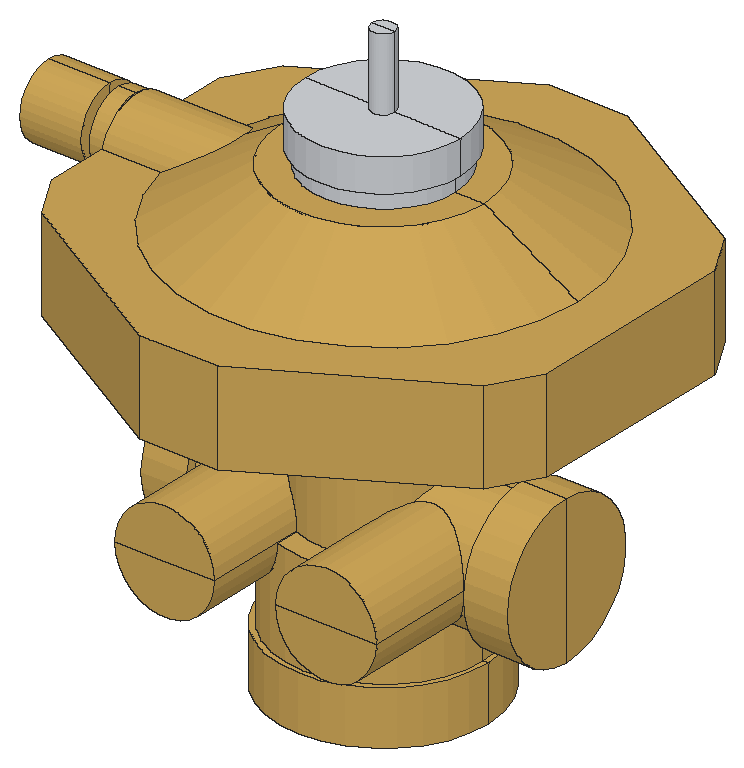
Revit family "Differenzdruckregler 4002 FIX TS 50kPa", category Rohrzubehör, Revit 2021
Family settings
  Bemaßung runder Anschluss = Durchmesser verwenden
  Teiletyp = Unterbricht
  OmniClass-Nummer = 23.65.55.14
  OmniClass-Titel = Valves for Liquid Services
  Arbeitsebenenbasiert = Nein
  Immer vertikal = Ja
  Beim Laden mit Abzugskörper schneiden = Nein
  Gemeinsam genutzt = Nein
Parameters (values of type "Ohne Dämmung")
  y2 [instance] = K14 + K9 + H01  # 45.649 mm
  y1 [instance] = (R03 * 2) + R05  # 66.000 mm
  k25 = 9.000 mm  # constant formula
  k24 = 13.000 mm  # constant formula
  k23 = 6.000 mm  # constant formula
  k22 = 22.000 mm  # constant formula
  k21 = 13.000 mm  # constant formula
  k20 = 14.000 mm  # constant formula
  k19 = 2.000 mm  # constant formula
  Vorgabe-Ansicht = 0.000 mm
  PN = 16  # constant formula
  Min. Betriebstemperatur (Frostschutz) = -20 °C  # constant formula
  Max. zulässige Betriebstemperatur bis DN32 = 130 °C  # constant formula
  Max. zulässige Betriebstemperatur DN40 - DN50 = 110 °C  # constant formula
  Max. Differenzdruck am Gehäuse = 400000.0 Pa  # constant formula
  Max. Betriebsdruck = 1600000.0 Pa  # constant formula
  Ventilschaft = "Edelstahl 14301"  # constant formula
  VRL01 [instance] = 30.000 mm  # constant formula
  V12 = 17.000 mm  # constant formula
  V10 = 16.000 mm  # constant formula
  V09 [instance] = 11.000 mm  # constant formula
  V08 [instance] = G01 + 3.000 mm  # 16.220 mm
  V03 [instance] = G01 + 5.000 mm  # 18.220 mm
  V02 [instance] = V01 + 4.500 mm  # 12.000 mm
  V01 [instance] = Nennweite / 2  # 7.500 mm
  URL = "www.herz-armaturen.at"
  SCRNSEQ = "ARM;ARM_TYP=\"DIFR\";2"
  SCRNCODE = "05;03;4"  # constant formula
  S07 = 10.000 mm  # constant formula
  S05 [instance] = S01 - 1.000 mm  # 13.850 mm
  S04 [instance] = S02 - 1.000 mm  # 18.000 mm
  S03 [instance] = size_lookup("4002_FIX_TS_50", "S03", 26.500 mm, Nennweite)  # 25.600 mm
  S02 [instance] = size_lookup("4002_FIX_TS_50", "S02", 19.000 mm, Nennweite)  # 19.000 mm
  S01 [instance] = size_lookup("4002_FIX_TS_50", "S01", 14.850 mm, Nennweite)  # 14.850 mm
  Regleranschlussmutter = "Messing CW614N"  # constant formula
  Regelbereich = "FIX 50kPa"  # constant formula
  R06 [instance] = size_lookup("4002_FIX_TS_50", "R06", 14.500 mm, Nennweite)  # 14.500 mm
  R05 [instance] = size_lookup("4002_FIX_TS_50", "R05", 41.000 mm, Nennweite)  # 50.000 mm
  R04 [instance] = size_lookup("4002_FIX_TS_50", "R04", 12.500 mm, Nennweite)  # 12.500 mm
  R03 [instance] = size_lookup("4002_FIX_TS_50", "R03", 8.000 mm, Nennweite)  # 8.000 mm
  R02 = 14.500 mm  # constant formula
  R01 [instance] = size_lookup("4002_FIX_TS_50", "R01", 11.500 mm, Nennweite)  # 11.500 mm
  Min. Betriebstemperatur (reines Wasser) = 2 °C  # constant formula
  O-Ringe = "EPDM"  # constant formula
  Nennweite [instance] = 15.000 mm
  Membrangehäuse = "Messing CW602N"  # constant formula
  Membrane = "EPDM"  # constant formula
  Medium = "Wasserbeschaffenheit nach ÖNORM H 5195 und VDI 2035\r\nDie Verwendung von Ethylen- und Propylenglykol ist im\r\nMischungsverhältnis 25 - 50 Vol.-% zulässig."
  L07 [instance] = size_lookup("4002_FIX_TS_50", "L07", 33.000 mm, Nennweite)  # 33.000 mm
  L06 = 7.000 mm  # constant formula
  L [instance] = size_lookup("4002_FIX_TS_50", "L", 66.000 mm, Nennweite)  # 66.000 mm
  K9 = 4.000 mm  # constant formula
  K8 = 55.000 mm  # constant formula
  K7 = 8.700 mm  # constant formula
  K6 = 11.700 mm  # constant formula
  K5 = 13.000 mm  # constant formula
  K4 = 12.000 mm  # constant formula
  K3 = 15.000 mm  # constant formula
  K2 = 2.350 mm  # constant formula
  K18 = 89.000 mm  # constant formula
  K17 = 66.700 mm  # constant formula
  K16 = 3.000 mm  # constant formula
  K15 = 26.649 mm  # constant formula
  K14 = 16.649 mm  # constant formula
  K13 = 16.649 mm  # constant formula
  K12 = 10.000 mm  # constant formula
  K11 = 35.000 mm  # constant formula
  K10 = 18.250 mm  # constant formula
  K1.1 = 2.350 mm  # constant formula
  K1 = 7.651 mm - 1.000 mm  # 6.651 mm
  J9 = 15.700 mm  # constant formula
  J8 = 7.850 mm  # constant formula
  J7 = 15.897 mm  # constant formula
  J6 = 3.900 mm  # constant formula
  J5 = 6.500 mm  # constant formula
  J4 = 1.500 mm  # constant formula
  J3 = 3.200 mm  # constant formula
  J2 = 11.000 mm  # constant formula
  J11 = 3.500 mm  # constant formula
  J10 = 18.897 mm  # constant formula
  J1 = 6.500 mm  # constant formula
  Hersteller = "HERZ-Armaturen Ges.m.b.H"  # constant formula
  H2 [instance] = size_lookup("4002_FIX_TS_50", "H2", 28.000 mm, Nennweite)  # 28.000 mm
  H1 [instance] = K1 + K2 + K3 + K4 + K5 + K7 + K8 + K16 + 16.650 mm  # 132.351 mm
  H04 = 4.000 mm  # constant formula
  H03 = 9.800 mm  # constant formula
  H02 [instance] = size_lookup("4002_FIX_TS_50", "H02", 53.000 mm, Nennweite)  # 53.000 mm
  H01 [instance] = size_lookup("4002_FIX_TS_50", "H01", 25.000 mm, Nennweite)  # 25.000 mm
  Gehäuse = "DZR Messing CC770S"  # constant formula
  G01 [instance] = size_lookup("4002_FIX_TS_50", "G01", 13.220 mm, Nennweite)  # 13.220 mm
  Hinweise zum Material = "Gemäß Art 33 der REACH-Verordnung (EG Nr. 1907/2006) sind wir verpflichtet, darauf hinzuweisen,\r\ndass der Stoff Blei auf der SVHC-Liste geführt wird und dass alle aus Messing bestehenden Bauteile,\r\ndie in unseren Erzeugnissen verarbeitet sind, mehr als 0,1 % (w/w) Blei (CAS: 7439-92-1 / EINECS:\r\n231-100-4) enthalten. Da Blei als Legierungsbestandteil fest gebunden ist, sind keine Expositionen zu\r\nerwarten und daher sind keine zusätzlichen Angaben zur sicheren Verwendung notwendig.\r\n\r\nIm Hanf enthaltenes Ammoniak schädigt\r\nMessingventilgehäuse, EPDM Dichtungen werden durch\r\nMineralöle bzw. mineralölhaltige Schmierstoffe aufgequollen\r\nund führen somit zum Ausfall der EPDM-Dichtungen. Für\r\nFrost- und Korrosionsschutzmittel auf der Basis von Ethylen- und Propylenglykol sind die entsprechenden\r\nAngaben den Unterlagen des Herstellers zu entnehmen."
  Dämmung = no
  Dämmschale = "EPP (expandiertes Polypropylen)"  # constant formula
  Druckfeder = "Federstahl, rost-und säurebeständig"  # constant formula
  DN50 [instance] = Nennweite = 50.000 mm  # no
  DN40 [instance] = Nennweite = 40.000 mm  # no
  DN32-40 [instance] = or(Nennweite = 32.000 mm, Nennweite = 40.000 mm)  # no
  DN32 [instance] = Nennweite = 32.000 mm  # no
  DN25 [instance] = Nennweite = 25.000 mm  # no
  DN20 [instance] = Nennweite = 20.000 mm  # no
  DN15-25 [instance] = or(Nennweite = 15.000 mm, Nennweite = 20.000 mm, Nennweite = 25.000 mm)  # yes
  DN15,20,25,32,50 [instance] = or(Nennweite = 15.000 mm, Nennweite = 20.000 mm, Nennweite = 25.000 mm, Nennweite = 32.000 mm, Nennweite = 50.000 mm)  # yes
  DN15 [instance] = Nennweite = 15.000 mm  # yes
  D07 [instance] = if(Nennweite = 15.000 mm, 32.000 mm, if(Nennweite = 20.000 mm, 33.000 mm, if(Nennweite = 25.000 mm, 33.000 mm, if(Nennweite = 32.000 mm, 49.000 mm, if(Nennweite = 40.000 mm, 57.560 mm, if(Nennweite = 50.000 mm, 57.560 mm, 0.000 mm))))))  # 32.000 mm
  D06 [instance] = if(Nennweite = 15.000 mm, 32.000 mm, if(Nennweite = 20.000 mm, 33.000 mm, if(Nennweite = 25.000 mm, 33.000 mm, if(Nennweite = 32.000 mm, 49.000 mm, if(Nennweite = 40.000 mm, 57.560 mm, if(Nennweite = 50.000 mm, 57.560 mm, 0.000 mm))))))  # 32.000 mm
  D05 [instance] = if(Nennweite = 15.000 mm, 36.750 mm, if(Nennweite = 20.000 mm, 40.700 mm, if(Nennweite = 25.000 mm, 49.200 mm, if(Nennweite = 32.000 mm, 54.150 mm, if(Nennweite = 40.000 mm, 60.750 mm, if(Nennweite = 50.000 mm, 72.700 mm, 0.000 mm))))))  # 36.750 mm
  D04 [instance] = if(Nennweite = 15.000 mm, 78.500 mm, if(Nennweite = 20.000 mm, 82.000 mm, if(Nennweite = 25.000 mm, 84.000 mm, if(Nennweite = 32.000 mm, 120.000 mm, if(Nennweite = 40.000 mm, 130.000 mm, if(Nennweite = 50.000 mm, 130.500 mm, 0.000 mm))))))  # 78.500 mm
  D03 [instance] = if(Nennweite = 15.000 mm, 96.000 mm, if(Nennweite = 20.000 mm, 110.000 mm, if(Nennweite = 25.000 mm, 112.000 mm, if(Nennweite = 32.000 mm, 152.000 mm, if(Nennweite = 40.000 mm, 170.000 mm, if(Nennweite = 50.000 mm, 179.000 mm, 0.000 mm))))))  # 96.000 mm
  D02 [instance] = size_lookup("4002_FIX_TS_50", "R05", 41.000 mm, Nennweite)  # 50.000 mm
  D01 [instance] = size_lookup("4002_FIX_TS_50", "G01", 13.220 mm, Nennweite)  # 13.220 mm
  Bestellnummer Dämmung [instance] = if(and(Dämmung, Nennweite = 15.000 mm), 1400291, if(and(Dämmung, Nennweite = 20.000 mm), 1400291, if(and(Dämmung, Nennweite = 25.000 mm), 1400291, if(and(Dämmung, Nennweite = 32.000 mm), 1400291, if(and(Dämmung, Nennweite = 40.000 mm), 1400291, if(and(Dämmung, Nennweite = 50.000 mm), 1400291, 0))))))  # 0
  Bestellnummer [instance] = size_lookup("4002_FIX_TS_50", "Artnr", 0, Nennweite)  # 1400291
  B2 [instance] = size_lookup("4002_FIX_TS_50", "B2", 31.000 mm, Nennweite)  # 31.000 mm
  B1 [instance] = size_lookup("4002_FIX_TS_50", "B1", 26.000 mm, Nennweite)  # 26.000 mm
  B04 = 100.649 mm  # constant formula
  B03 = 44.500 mm  # constant formula
  B02 = 104.688 mm  # constant formula
  B01 = 10.000 mm  # constant formula
  Anwendungsgebiet = "Der Differenzdruckregler ist ein Regler mit linearer Kennlinie in Geradsitzausführung und arbeitet ohne Hilfsenergie. Der Differenzdruck-Sollwert beträgt 23 kPa, 50 kPa bzw 13 kPa. Im Lieferumfang enthalten ist die Impulsleitung (1000 mm), diese ist mit einem Strangregulierventil im Vorlauf zu verbinden."
  Anschlussnippel = "Messing CW602N"  # constant formula
  Anschlussgewinde für Antrieb = "Messing CW602N"  # constant formula
Types (2, lengths in mm): name | y2 | y1 | V08 | V03 | V02 | V01 | S03 | R05 | R04 | R03 | R01 | Nennweite | L07 | L | H2 | H02 | H01 | G01 | Dämmung | DN25 | DN15 | D07 | D06 | D05 | D04 | D03 | D02 | D01 | Bestellnummer Dämmung | Bestellnummer | B2 | B1
  Ohne Dämmung | 45.649 | 66.000 | 16.220 | 18.220 | 12.000 | 7.500 | 25.600 | 50.000 | 12.500 | 8.000 | 11.500 | 15.000 | 33.000 | 66.000 | 28.000 | 53.000 | 25.000 | 13.220 | no | no | yes | 32.000 | 32.000 | 36.750 | 78.500 | 96.000 | 50.000 | 13.220 | 0 | 1400291 | 31.000 | 26.000
  Mit Dämmung | 46.649 | 76.000 | 23.600 | 25.600 | 17.000 | 12.500 | 29.000 | 58.200 | 14.500 | 8.900 | 14.800 | 25.000 | 38.000 | 76.000 | 29.000 | 54.500 | 26.000 | 20.600 | yes | yes | no | 33.000 | 33.000 | 49.200 | 84.000 | 112.000 | 58.200 | 20.600 | 1400291 | 1400293 | 33.000 | 28.000
Reference planes
  plane 1 "Mitte (Vorne/hinten)": y = 0
  plane 2: z = 0
  plane 3 "Mitte (Links/rechts)": x = 0
Forms (mm)
  Revolve 1, solid, material "Messing, weicher Gelbton, geschweißt", detail levels fine
    sketch origin (0, 0, 0) x (1, 0, 0) y (0, 0, 1)
      loop
        line (-33, 0) -> (33, 0) -> (33, 13.22) -> (25, 13.22) -> (25, 11.5) -> (-25, 11.5) -> (-25, 13.22) -> (-33, 13.22) -> (-33, 0)
      axis (-33, 0) -> (33, 0)
    angle from 0 to 360
  Revolve 2, solid, material "Messing, weicher Gelbton, geschweißt", detail levels fine
    sketch origin (0, 0, 0) x (1, 0, 0) y (0, 0, 1)
      loop
        line (0, -28) -> (0, 0) -> (-18, 0) -> (-18, -18.2) -> (-19, -18.2) -> (-19, -28) -> (0, -28)
      axis (0, 0) -> (0, -28)
    angle from 0 to 360
  Extrusion 3, solid, material "Messing, weicher Gelbton, geschweißt", detail levels fine
    sketch origin (0, 0, 0) x (0, -1, 0) y (1, 0, 0)
      loop
        line (-46, -7.038) -> (-27.114, -39.75) -> (-18.886, -44.5) -> (18.886, -44.5) -> (27.114, -39.75) -> (46, -7.038) -> (46, 7.038) -> (27.114, 39.75) -> (18.886, 44.5) -> (-18.886, 44.5) -> (-27.114, 39.75) -> (-46, 7.038) -> (-46, -7.038)
    from 29 to 45.649
  Revolve 4, solid, material "Messing, weicher Gelbton, geschweißt", detail levels fine
    sketch origin (0, 0, -7.051) x (1, 0, 0) y (0, 0, 1)
      loop
        line (0, 52.7) -> (0, 62.7) -> (-18.25, 62.7) -> (-35, 52.7) -> (0, 52.7)
      axis (0, 62.7) -> (0, 52.7)
    angle from 0 to 360
  Revolve 5, solid, material "Messing, weicher Gelbton, geschweißt", visible <- "DN15-25", detail levels fine
    sketch origin (-11, 0, 0) x (1, 0, 0) y (0, 1, 0)
      loop
        line (-1.5, 26) -> (-9.2, 26) -> (-9.2, 0) -> (-1.5, 0) -> (-1.5, 26)
      axis (-1.5, 0) -> (-1.5, 26)
    angle from 0 to 360
  Revolve 6, solid, material "Messing, weicher Gelbton, geschweißt", detail levels fine
    sketch origin (-0.988, 0, -6.853) x (-1, 0, 0) y (0, 0, 1)
      loop
        line (43.5, 51.75) -> (59.2, 51.75) -> (59.2, 58.25) -> (48.2, 58.25) -> (48.2, 55.65) -> (46.7, 55.65) -> (46.7, 58.25) -> (43.5, 58.25) -> (43.5, 51.75)
      axis (43.5, 51.75) -> (59.2, 51.75)
    angle from 0 to 360
  Extrusion 7, solid, material "Messing, weicher Gelbton, geschweißt", detail levels fine
    sketch origin (0, 0, 0) x (0, 1, 0) y (0, 0, -1)
      loop
        line (7.85, -43.547) -> (7.85, -32.5) -> (-7.85, -32.5) -> (-7.85, -43.547)
        arc (-7.85, -43.547) -> (0, -51.397) -> (7.85, -43.547) r 7.85
    from 0 to 44.5
  Revolve 8, solid, material "Messing, weicher Gelbton, geschweißt", visible <- "DN15-25", detail levels fine
    sketch origin (-2, 0, 0) x (1, 0, 0) y (0, 1, 0)
      loop
        line (-12.5, 0) -> (-21.5, 0) -> (-21.5, -31) -> (-12.5, -31) -> (-12.5, 0)
      axis (-12.5, 0) -> (-12.5, -31)
    angle from 0 to 360
  Revolve 9, solid, material "Messing, weicher Gelbton, geschweißt", visible <- "DN15-25", detail levels fine
    sketch origin (2, 0, 0) x (1, 0, 0) y (0, 1, 0)
      loop
        line (12.5, 0) -> (12.5, -31) -> (21.6, -31) -> (21.6, 0) -> (12.5, 0)
      axis (12.5, 0) -> (12.5, -31)
    angle from 0 to 360
  Extrusion 10, solid, material "Messing, weicher Gelbton, geschweißt", visible <- "DN32", detail levels fine
    sketch origin (-31.5, 0, 0) x (1, 0, 0) y (0, 1, 0)
      loop
        circle (63, 0) r 6.578
      loop
        circle (63, 0) r 3.28
    from -47 to 0
  Extrusion 11, solid, material "Messing, weicher Gelbton, geschweißt", visible <- "DN32", detail levels fine
    sketch origin (31.5, 0, 0) x (-1, 0, 0) y (0, -1, 0)
      loop
        circle (63, 0) r 6.578
      loop
        circle (63, 0) r 3.28
    from -47 to 0
  Revolve 12, solid, material "Messing, weicher Gelbton, geschweißt", detail levels fine
    sketch origin (0, 0, 0) x (1, 0, 0) y (0, 0, 1)
      loop
        line (-13.85, 0) -> (0, 0) -> (0, 29) -> (-9.85, 29) -> (-9.85, 25) -> (-14.85, 25) -> (-14.85, 15.2) -> (-13.85, 15.2) -> (-13.85, 0)
      axis (0, 29) -> (0, 0)
    angle from 0 to 360
  Extrusion 13, solid, material "Messing, weicher Gelbton, geschweißt", visible <- "DN40", detail levels fine
    sketch origin (29.382, 0, 0) x (-1, 0, 0) y (0, -1, 0)
      loop
        circle (63, 0) r 6.578
      loop
        circle (63, 0) r 3.28
    from -58 to 0
  Extrusion 14, solid, material "Messing, weicher Gelbton, geschweißt", visible <- "DN40", detail levels fine
    sketch origin (-29.455, 0, 0) x (1, 0, 0) y (0, 1, 0)
      loop
        circle (63, 0) r 6.578
      loop
        circle (63, 0) r 3.28
    from -58 to 0
  Extrusion 15, solid, material "Messing, weicher Gelbton, geschweißt", visible <- "DN50", detail levels fine
    sketch origin (28.422, 0, 0) x (-1, 0, 0) y (0, -1, 0)
      loop
        circle (63, 0) r 6.578
      loop
        circle (63, 0) r 3.28
    from -58 to 0
  Extrusion 16, solid, material "Messing, weicher Gelbton, geschweißt", visible <- "DN50", detail levels fine
    sketch origin (-28.422, 0, 0) x (1, 0, 0) y (0, 1, 0)
      loop
        circle (63, 0) r 6.578
      loop
        circle (63, 0) r 3.28
    from -58 to 0
  Revolve 17, solid, material "Messing, weicher Gelbton, geschweißt", visible <- "DN32-40", detail levels fine
    sketch origin (-11, 0, 0) x (1, 0, 0) y (0, 1, 0)
      loop
        line (-1.5, -26) -> (-1.5, 0) -> (-9.2, 0) -> (-9.2, -26) -> (-1.5, -26)
      axis (-1.5, 0) -> (-1.5, -26)
    angle from 0 to 360
  Revolve 18, solid, material "Messing, weicher Gelbton, geschweißt", not visible, detail levels fine
    sketch origin (10.652, 0, 0) x (-1, 0, 0) y (0, 0, 1)
      loop
        line (43.652, 0) -> (73.652, 0) -> (73.652, 7.5) -> (56.652, 7.5) -> (56.652, 12) -> (47.652, 12) -> (47.652, 18.22) -> (40.652, 18.22) -> (40.652, 16.22) -> (35.652, 16.22) -> (35.652, 13.22) -> (43.652, 13.22) -> (43.652, 0)
      axis (35.652, 0) -> (73.652, 0)
    angle from 0 to 360
  Revolve 19, solid, material "Messing, weicher Gelbton, geschweißt", not visible, detail levels fine
    sketch origin (-9.448, 0, 0) x (1, 0, 0) y (0, 0, 1)
      loop
        line (42.448, 0) -> (72.448, 0) -> (72.448, 7.5) -> (55.448, 7.5) -> (55.448, 12) -> (46.448, 12) -> (46.448, 18.22) -> (39.448, 18.22) -> (39.448, 16.22) -> (34.448, 16.22) -> (34.448, 13.22) -> (42.448, 13.22) -> (42.448, 0)
      axis (34.448, 0) -> (72.448, 0)
    angle from 0 to 360
  Revolve 20, solid, detail levels fine
    sketch origin (0, 0, 0) x (1, 0, 0) y (0, 0, 1)
      loop
        line (0, 55.649) -> (0, 77.649) -> (-2, 77.649) -> (-2, 64.649) -> (-14, 64.649) -> (-14, 58.649) -> (-13, 58.649) -> (-13, 55.649) -> (0, 55.649)
      axis (0, 77.649) -> (0, 55.649)
    angle from 0 to 360
  Revolve 21, solid, material "Kunsstoff-Anthrazit/Schwarz", visible <- "Dämmung"
    sketch origin (0, 0, 0) x (1, 0, 0) y (0, 0, 1)
      loop
        line (0, -46.5) -> (36.75, -46.5) -> (36.75, 32) -> (0, 32) -> (0, -46.5)
      axis (0, 32) -> (0, -46.5)
    angle from 0 to 360
  Revolve 22, solid, material "Kunsstoff-Anthrazit/Schwarz", visible <- "Dämmung"
    sketch origin (0, 0, 0) x (1, 0, 0) y (0, 0, 1)
      loop
        line (0, 32) -> (-48, 32) -> (-48, 13.22) -> (-25, 13.22) -> (-25, 0) -> (25, 0) -> (25, 10) -> (48, 10) -> (48, 32) -> (0, 32)
      axis (-48, 0) -> (48, 0)
    angle from 0 to 360
  Extrusion 23, void
    sketch origin (-196.626, 0, 0) x (1, 0, 0) y (0, 0, 1)
      loop
        line (106.193, 29) -> (304.626, 29) -> (304.626, 45.649) -> (106.193, 45.649) -> (106.193, 29)
    from -96.074 to 95.029
  Extrusion 24, void
    sketch origin (-330.981, 0, 0) x (1, 0, 0) y (0, 0, 1)
      loop
        line (226.44, 29) -> (455.981, 29) -> (455.981, 45.649) -> (226.44, 45.649) -> (226.44, 29)
    from -101.402 to 98.396
Cuts and joins
  Extrusion 23 cuts Revolve 21
  Extrusion 24 cuts Revolve 22
Lines and regions (mm)
  model lines, detail levels coarse+medium
    curve 1: line (33, -13.22, 0) -> (33, 13.22, 0)
    curve 2: line (33, 13.22, 0) -> (-33, -13.22, 0)
    curve 3: line (-33, -13.22, 0) -> (-33, 13.22, 0)
    curve 4: line (-33, 13.22, 0) -> (33, -13.22, 0)
    curve 5: line (0, -15, 0) -> (0, -29, 0)
    curve 6: spline (-44.5, -37.324, 0) -> (-42.984, -35.17, 0) -> (-38.538, -33.162, 0) -> (-31.466, -31.438, 0) -> (-22.25, -30.115, 0) -> (-11.517, -29.284, 0) -> (0, -29, 0) -> (11.517, -29.284, 0) -> (22.25, -30.115, 0) -> (31.466, -31.438, 0) -> (38.538, -33.162, 0) -> (42.984, -35.17, 0) -> (44.5, -37.325, 0) -> (42.984, -39.479, 0) -> (38.538, -41.487, 0) -> (31.466, -43.211, 0) -> (22.25, -44.534, 0) -> (11.517, -45.365, 0) -> (0, -45.649, 0) -> (-11.517, -45.365, 0) -> (-22.25, -44.534, 0) -> (-31.466, -43.211, 0) -> (-38.538, -41.487, 0) -> (-42.984, -39.479, 0) -> (-44.5, -37.324, 0)
    curve 7: line (-33, 0, 13.22) -> (-33, 0, -13.22)
    curve 8: line (-33, 0, -13.22) -> (33, 0, 13.22)
    curve 9: line (33, 0, 13.22) -> (33, 0, -13.22)
    curve 10: line (33, 0, -13.22) -> (-33, 0, 13.22)
    curve 11: line (0, 0, 13.22) -> (0, 0, 29)
    curve 12: spline (-44.5, 0, 37.325) -> (-42.984, 0, 39.479) -> (-38.538, 0, 41.487) -> (-31.466, 0, 43.211) -> (-22.25, 0, 44.534) -> (-11.517, 0, 45.365) -> (0, 0, 45.649) -> (11.517, 0, 45.365) -> (22.25, 0, 44.534) -> (31.466, 0, 43.211) -> (38.538, 0, 41.487) -> (42.984, 0, 39.479) -> (44.5, 0, 37.324) -> (42.984, 0, 35.17) -> (38.538, 0, 33.162) -> (31.466, 0, 31.438) -> (22.25, 0, 30.115) -> (11.517, 0, 29.284) -> (0, 0, 29) -> (-11.517, 0, 29.284) -> (-22.25, 0, 30.115) -> (-31.466, 0, 31.438) -> (-38.538, 0, 33.162) -> (-42.984, 0, 35.17) -> (-44.5, 0, 37.325)
    curve 13: line (0, 0, 13.22) -> (16.5, 0, 6.61)
    curve 14: line (0, 0, 13.22) -> (-16.5, 0, 6.61)
    curve 15: line (33, 0, 0) -> (63, 0, 0)
    curve 16: line (-33, 0, 0) -> (-63, 0, 0)
    curve 17: line (0, -15, 0) -> (-22.716, -9.1, 0)
    curve 18: line (0, -15, 0) -> (22.716, -9.1, 0)
    curve 19: line (33, 0, 13.22) -> (33, 0, -13.22)
    curve 20: line (33, 0, 13.22) -> (43, 0, 13.22)
    curve 21: line (43, 0, 13.22) -> (33, 0, 0)
    curve 22: line (43, 0, -13.22) -> (33, 0, 0)
    curve 23: line (33, 0, -13.22) -> (43, 0, -13.22)
    curve 24: line (-33, 0, 13.22) -> (-33, 0, -13.22)
    curve 25: line (-33, 0, 13.22) -> (-43, 0, 13.22)
    curve 26: line (-43, 0, 13.22) -> (-33, 0, 0)
    curve 27: line (-43, 0, -13.22) -> (-33, 0, 0)
    curve 28: line (-33, 0, -13.22) -> (-43, 0, -13.22)
    curve 29: line (-33, 13.22, 0) -> (-43, 13.22, 0)
    curve 30: line (-43, 13.22, 0) -> (-33, 0, 0)
    curve 31: line (-33, -13.22, 0) -> (-43, -13.22, 0)
    curve 32: line (-43, -13.22, 0) -> (-33, 0, 0)
    curve 33: line (33, -13.22, 0) -> (33, 13.22, 0)
    curve 34: line (33, 13.22, 0) -> (43, 13.22, 0)
    curve 35: line (43, 13.22, 0) -> (33, 0, 0)
    curve 36: line (33, -13.22, 0) -> (43, -13.22, 0)
    curve 37: line (43, -13.22, 0) -> (33, 0, 0)
Dimensions and locks
  "G01": Revolve 1 sketch curve to Revolve 1 sketch curve  (x2)
  "R01": Revolve 1 sketch curve to Revolve 1 sketch curve
  "R03": Revolve 1 sketch curve to Revolve 1 sketch curve  (x2)
  "K10": Revolve 4 sketch curve to Revolve 4 sketch curve
  "K11": Revolve 4 sketch curve to Revolve 4 sketch curve
  "B1": Revolve 5 sketch curve to Revolve 5 sketch curve
  "J1": Revolve 6 sketch curve to Revolve 6 sketch curve
  "J3": Revolve 6 sketch curve to Revolve 6 sketch curve
  "J4": Revolve 6 sketch curve to Revolve 6 sketch curve
  "J2": Revolve 6 sketch curve to Revolve 6 sketch curve
  "J5": Revolve 6 sketch curve to Revolve 6 sketch curve
  "J6": Revolve 6 sketch curve to Revolve 6 sketch curve
  "H2": plane 2 to Revolve 2 sketch curve
  "H03": Revolve 2 sketch curve to Revolve 2 sketch curve
  "S02": plane 3 "Mitte (Links/rechts)" to Revolve 2 sketch curve
  "B02": Revolve 6 to Extrusion 3
  "B03": Extrusion 3 to plane 3 "Mitte (Links/rechts)"
  "R04": Revolve 5 sketch curve to plane 3 "Mitte (Links/rechts)"
  "K12": Revolve 4 sketch curve to Revolve 4 sketch curve
  "K13": Revolve 4 sketch curve to Extrusion 3
  "K14": Extrusion 3 to Extrusion 3
  "R05": Revolve 1 sketch curve to Revolve 1 sketch curve
  plane 3 "Mitte (Links/rechts)" to Revolve 1 sketch curve = 33.000 mm
  Revolve 1 sketch curve to plane 3 "Mitte (Links/rechts)" = 33.000 mm
  equal spacing: Revolve 1 sketch curve, plane 3 "Mitte (Links/rechts)", Revolve 1 sketch curve
  "B2": plane 1 "Mitte (Vorne/hinten)" to Revolve 8 sketch curve
  "B2": Revolve 9 sketch curve to plane 1 "Mitte (Vorne/hinten)"
  "R06": Revolve 8 sketch curve to plane 3 "Mitte (Links/rechts)"
  "R06": plane 3 "Mitte (Links/rechts)" to Revolve 9 sketch curve
  "S01": Revolve 12 sketch curve to plane 3 "Mitte (Links/rechts)"
  "S05": plane 3 "Mitte (Links/rechts)" to Revolve 12 sketch curve
  "H04": Revolve 12 sketch curve to Revolve 12 sketch curve
  "H03": Revolve 12 sketch curve to Revolve 12 sketch curve
  "H01": Revolve 12 sketch curve to plane 2
  "K9": Extrusion 3 to Revolve 12
  Revolve 2 sketch curve to Revolve 2 sketch curve = 1.000 mm
  "J7": Revolve 6 sketch curve to Extrusion 3
  "J9": Extrusion 7 sketch curve to Extrusion 7 sketch curve
  "J10": Revolve 6 to Extrusion 7 sketch curve
  "J11": Extrusion 7 sketch curve to Extrusion 3
  equal spacing: curve 7, curve 6, curve 9
  "K18": Extrusion 3 to Extrusion 3
  equal spacing: curve 7, curve 14, curve 14
  equal spacing: curve 14, curve 13, curve 9
  "G01": curve 10 to plane 2
  "G01": plane 2 to curve 8
  "G01": curve 9 to plane 2
  "G01": plane 2 to curve 10
  "K18": curve 12 to curve 12
  "y1": curve 7 to curve 9
  "G01": curve 14 to plane 2
  "K14": curve 12 to curve 12
  "y2": curve 12 to plane 2
  "G01": plane 1 "Mitte (Vorne/hinten)" to curve 4
  "G01": curve 3 to plane 1 "Mitte (Vorne/hinten)"
  equal spacing: curve 3, curve 12, curve 1
  equal spacing: curve 3, curve 18, curve 1
  "y1": curve 3 to curve 1
  "G01": plane 1 "Mitte (Vorne/hinten)" to curve 2
  "G01": curve 4 to plane 1 "Mitte (Vorne/hinten)"
  "K18": curve 6 to curve 6
  "K14": curve 6 to curve 6
  "y2": curve 6 to plane 1 "Mitte (Vorne/hinten)"
  "B1": Revolve 17 sketch curve to Revolve 17 sketch curve
  "R04": Revolve 17 sketch curve to plane 3 "Mitte (Links/rechts)"
  "R03": Revolve 18 sketch curve to Revolve 18 sketch curve
  "V10": Revolve 18 sketch curve to Revolve 18 sketch curve
  "V12": Revolve 18 sketch curve to Revolve 18 sketch curve
  "VRL01": Revolve 18 sketch curve to Revolve 18 sketch curve
  "V02": Revolve 18 sketch curve to plane 2
  "V01": Revolve 18 sketch curve to plane 2
  "G01": Revolve 18 sketch curve to plane 2
  "V08": Revolve 18 sketch curve to plane 2
  "V03": Revolve 18 sketch curve to plane 2
  "R03": Revolve 19 sketch curve to Revolve 19 sketch curve
  "V10": Revolve 19 sketch curve to Revolve 19 sketch curve
  "V12": Revolve 19 sketch curve to Revolve 19 sketch curve
  "VRL01": Revolve 19 sketch curve to Revolve 19 sketch curve
  "V01": Revolve 19 sketch curve to plane 2
  "V02": Revolve 19 sketch curve to plane 2
  "G01": Revolve 19 sketch curve to plane 2
  "V08": Revolve 19 sketch curve to plane 2
  "V03": Revolve 19 sketch curve to plane 2
  "L07": Revolve 18 to plane 3 "Mitte (Links/rechts)"
  "L07": plane 3 "Mitte (Links/rechts)" to Revolve 19
  "S07": curve 28 to Revolve 18
  "S07": curve 26 to Revolve 18
  "S07": Revolve 19 to curve 21
  "S07": Revolve 19 to curve 23
  "G01": plane 2 to curve 28
  "G01": curve 25 to plane 2
  "G01": curve 20 to plane 2
  "G01": plane 2 to curve 23
  "S07": curve 30 to curve 3
  "S07": curve 32 to curve 3
  "S07": curve 33 to curve 35
  "S07": curve 33 to curve 37
  "k20": Revolve 20 sketch curve to Revolve 20 sketch curve
  "k24": Revolve 20 sketch curve to Revolve 20 sketch curve
  "k23": Revolve 20 sketch curve to Revolve 20 sketch curve
  "k21": Revolve 20 sketch curve to Revolve 20 sketch curve
  "k22": Revolve 20 sketch curve to Revolve 20 sketch curve
  "k19": Revolve 20 sketch curve to Revolve 20 sketch curve
  "k25": Revolve 20 to Revolve 4
  "D06": Revolve 21 sketch curve to plane 2
  "D05": Revolve 21 sketch curve to Revolve 21 sketch curve
  "D04": Revolve 21 sketch curve to Revolve 21 sketch curve
  "D07": Revolve 22 sketch curve to plane 2
  "D01": Revolve 22 sketch curve to plane 2
  "D03": Revolve 22 sketch curve to Revolve 22 sketch curve
  "D02": Revolve 22 sketch curve to Revolve 22 sketch curve
  equal spacing: Revolve 22 sketch curve, plane 3 "Mitte (Links/rechts)", Revolve 22 sketch curve  (x2)
  "K14": Extrusion 23 to Extrusion 23
  "K14": Extrusion 23 to Extrusion 3
  "K14": Extrusion 24 to Extrusion 24
  "K14": Extrusion 24 to Extrusion 3
  "J8": radius of Extrusion 7 sketch curve
  aligned and locked: level to plane 2
Automatic sketch dimensions
  plane 3 "Mitte (Links/rechts)" to Extrusion 3 sketch curve = 7.038 mm  (x2)
  Extrusion 3 sketch curve to plane 1 "Mitte (Vorne/hinten)" = 46.000 mm
  Extrusion 3 sketch curve to plane 1 "Mitte (Vorne/hinten)" = 27.114 mm  (x2)
  Extrusion 3 sketch curve to Extrusion 3 sketch curve = 8.227 mm  (x4)
  plane 1 "Mitte (Vorne/hinten)" to Extrusion 3 sketch curve = 18.886 mm  (x2)
  Extrusion 3 sketch curve to Extrusion 3 sketch curve = 18.886 mm
  Extrusion 3 sketch curve to plane 3 "Mitte (Links/rechts)" = 7.038 mm  (x2)
  Extrusion 3 sketch curve to Extrusion 3 sketch curve = 32.712 mm  (x4)
  Extrusion 3 sketch curve to Extrusion 3 sketch curve = 4.750 mm  (x2)
  Extrusion 10 sketch curve to Extrusion 10 sketch curve = 0.000 mm  (x2)
  plane 1 "Mitte (Vorne/hinten)" to Extrusion 10 sketch curve = 0.000 mm
  plane 3 "Mitte (Links/rechts)" to Extrusion 10 sketch curve = 31.500 mm
  Extrusion 11 sketch curve to Extrusion 11 sketch curve = 0.000 mm  (x2)
  plane 1 "Mitte (Vorne/hinten)" to Extrusion 11 sketch curve = 0.000 mm
  plane 3 "Mitte (Links/rechts)" to Extrusion 11 sketch curve = 31.500 mm
  Extrusion 13 sketch curve to Extrusion 13 sketch curve = 0.000 mm  (x2)
  plane 1 "Mitte (Vorne/hinten)" to Extrusion 13 sketch curve = 0.000 mm
  plane 3 "Mitte (Links/rechts)" to Extrusion 13 sketch curve = 33.618 mm
  Extrusion 14 sketch curve to Extrusion 14 sketch curve = 0.000 mm  (x2)
  plane 1 "Mitte (Vorne/hinten)" to Extrusion 14 sketch curve = 0.000 mm
  plane 3 "Mitte (Links/rechts)" to Extrusion 14 sketch curve = 33.545 mm
  Extrusion 15 sketch curve to Extrusion 15 sketch curve = 0.000 mm  (x2)
  plane 1 "Mitte (Vorne/hinten)" to Extrusion 15 sketch curve = 0.000 mm
  plane 3 "Mitte (Links/rechts)" to Extrusion 15 sketch curve = 34.578 mm
  Extrusion 16 sketch curve to Extrusion 16 sketch curve = 0.000 mm  (x2)
  plane 1 "Mitte (Vorne/hinten)" to Extrusion 16 sketch curve = 0.000 mm
  plane 3 "Mitte (Links/rechts)" to Extrusion 16 sketch curve = 34.578 mm
  level to Extrusion 23 sketch curve = 29.000 mm
  level to Extrusion 23 sketch curve = 45.649 mm
  Extrusion 23 sketch curve to plane 3 "Mitte (Links/rechts)" = 90.433 mm
  Extrusion 23 sketch curve to Extrusion 23 sketch curve = 198.433 mm
  level to Extrusion 24 sketch curve = 29.000 mm
  level to Extrusion 24 sketch curve = 45.649 mm
  Extrusion 24 sketch curve to plane 3 "Mitte (Links/rechts)" = 104.541 mm
  Extrusion 24 sketch curve to Extrusion 24 sketch curve = 229.541 mm
  curve 16 to level = 0.000 mm
  curve 11 to plane 3 "Mitte (Links/rechts)" = 0.000 mm
  curve 12 to plane 3 "Mitte (Links/rechts)" = 0.000 mm
  curve 15 to level = 0.000 mm
  curve 16 to curve 16 = 30.000 mm
  curve 15 to curve 15 = 30.000 mm
  plane 1 "Mitte (Vorne/hinten)" to curve 30 = 0.000 mm
  plane 1 "Mitte (Vorne/hinten)" to curve 32 = 0.000 mm
  curve 18 to plane 3 "Mitte (Links/rechts)" = 0.000 mm
  curve 6 to plane 3 "Mitte (Links/rechts)" = 0.000 mm
  plane 1 "Mitte (Vorne/hinten)" to curve 37 = 0.000 mm
  plane 1 "Mitte (Vorne/hinten)" to curve 35 = 0.000 mm
  curve 5 to curve 5 = 14.000 mm
  plane 1 "Mitte (Vorne/hinten)" to curve 17 = 9.100 mm
  plane 1 "Mitte (Vorne/hinten)" to curve 18 = 9.100 mm
  Revolve 1 sketch curve to level = 0.000 mm  (x2)
  Revolve 1 sketch curve to Revolve 1 sketch curve = 1473.530 mm
  Revolve 1 sketch curve to Revolve 1 sketch curve = 1806.148 mm
  Revolve 2 sketch curve to level = 0.000 mm
  Revolve 2 sketch curve to plane 3 "Mitte (Links/rechts)" = 0.000 mm  (x2)
  Revolve 2 sketch curve to Revolve 2 sketch curve = 1.000 mm
  Revolve 2 sketch curve to Revolve 2 sketch curve = 334.045 mm
  level to Revolve 2 sketch curve = 2218.015 mm
  Revolve 4 sketch curve to plane 3 "Mitte (Links/rechts)" = 0.000 mm  (x2)
  Revolve 4 sketch curve to level = 373.096 mm
  Revolve 4 sketch curve to Revolve 4 sketch curve = 2155.315 mm
  plane 1 "Mitte (Vorne/hinten)" to Revolve 5 sketch curve = 0.000 mm  (x2)
  Revolve 5 sketch curve to Revolve 5 sketch curve = 0.000 mm  (x2)
  Revolve 5 sketch curve to Revolve 5 sketch curve = 7.700 mm
  plane 3 "Mitte (Links/rechts)" to Revolve 6 sketch curve = 44.488 mm
  Revolve 6 sketch curve to Revolve 6 sketch curve = 0.000 mm  (x3)
  Extrusion 7 sketch curve to plane 1 "Mitte (Vorne/hinten)" = 0.000 mm
  Extrusion 7 sketch curve to Extrusion 7 sketch curve = 11.047 mm
  Extrusion 7 sketch curve to Extrusion 7 sketch curve = 0.000 mm
  plane 1 "Mitte (Vorne/hinten)" to Revolve 8 sketch curve = 0.000 mm  (x2)
  Revolve 8 sketch curve to Revolve 8 sketch curve = 9.000 mm
  Revolve 8 sketch curve to Revolve 8 sketch curve = 0.000 mm  (x2)
  plane 1 "Mitte (Vorne/hinten)" to Revolve 9 sketch curve = 0.000 mm  (x2)
  Revolve 9 sketch curve to Revolve 9 sketch curve = 9.100 mm
  Revolve 9 sketch curve to Revolve 9 sketch curve = 0.000 mm  (x2)
  Revolve 12 sketch curve to level = 0.000 mm  (x2)
  Revolve 12 sketch curve to plane 3 "Mitte (Links/rechts)" = 0.000 mm  (x2)
  Revolve 12 sketch curve to Revolve 12 sketch curve = 5.000 mm
  Revolve 12 sketch curve to Revolve 12 sketch curve = 0.000 mm
  plane 1 "Mitte (Vorne/hinten)" to Revolve 17 sketch curve = 0.000 mm  (x2)
  Revolve 17 sketch curve to Revolve 17 sketch curve = 7.700 mm
  Revolve 17 sketch curve to Revolve 17 sketch curve = 0.000 mm  (x2)
  Revolve 18 sketch curve to level = 0.000 mm  (x2)
  plane 3 "Mitte (Links/rechts)" to Revolve 18 sketch curve = 25.000 mm
  Revolve 18 sketch curve to Revolve 18 sketch curve = 4.000 mm
  Revolve 18 sketch curve to Revolve 18 sketch curve = 0.000 mm  (x2)
  Revolve 19 sketch curve to level = 0.000 mm  (x2)
  plane 3 "Mitte (Links/rechts)" to Revolve 19 sketch curve = 25.000 mm
  Revolve 19 sketch curve to Revolve 19 sketch curve = 4.000 mm
  Revolve 19 sketch curve to Revolve 19 sketch curve = 0.000 mm  (x2)
  curve 26 to level = 0.000 mm
  curve 27 to level = 0.000 mm
  curve 22 to level = 0.000 mm
  curve 21 to level = 0.000 mm
  curve 27 to curve 28 = 10.000 mm
  curve 19 to curve 20 = 10.000 mm
  Revolve 20 sketch curve to plane 3 "Mitte (Links/rechts)" = 0.000 mm  (x2)
  level to Revolve 20 sketch curve = 55.649 mm
  Revolve 20 sketch curve to Revolve 20 sketch curve = 0.000 mm  (x2)
  Revolve 21 sketch curve to plane 3 "Mitte (Links/rechts)" = 0.000 mm  (x2)
  Revolve 21 sketch curve to Revolve 21 sketch curve = 0.000 mm  (x2)
  Revolve 22 sketch curve to level = 0.000 mm  (x2)
  Revolve 22 sketch curve to plane 3 "Mitte (Links/rechts)" = 0.000 mm
  level to Revolve 22 sketch curve = 10.000 mm
  Revolve 22 sketch curve to Revolve 22 sketch curve = 0.000 mm  (x2)
  radius of Extrusion 10 sketch curve = 6.578 mm
  radius of Extrusion 10 sketch curve = 3.280 mm
  radius of Extrusion 11 sketch curve = 6.578 mm
  radius of Extrusion 11 sketch curve = 3.280 mm
  radius of Extrusion 13 sketch curve = 6.578 mm
  radius of Extrusion 13 sketch curve = 3.280 mm
  radius of Extrusion 14 sketch curve = 6.578 mm
  radius of Extrusion 14 sketch curve = 3.280 mm
  radius of Extrusion 15 sketch curve = 6.578 mm
  radius of Extrusion 15 sketch curve = 3.280 mm
  radius of Extrusion 16 sketch curve = 6.578 mm
  radius of Extrusion 16 sketch curve = 3.280 mm
Nested families
  nested 1: "Herz-Logo-vorne" at (-0.018, 17.815, -12.904) x (0, -1, 0) z (0, 0, 1), type "Herz-Logo-vorne", detail levels fine
  nested 2: "Herz-Logo-vorne" at (-0.018, 29.612, 0) x (0, -1, 0) z (0, 0, 1), visible <- "DN32", type "Herz-Logo-vorne", detail levels fine
  nested 3: "Herz-Logo-vorne" at (-0.018, 38.665, 0) x (0, -1, 0) z (0, 0, 1), visible <- "DN40", type "Herz-Logo-vorne", detail levels fine
  nested 4: "Herz-Logo-vorne" at (-0.018, 37.548, 0) x (0, -1, 0) z (0, 0, 1), visible <- "DN50", type "Herz-Logo-vorne", detail levels fine
Connectors
  piping at (-33, 0, 0), diameter 15, driven by "Nennweite"
    settings: on Revolve 1, index 1, connector inside diameter 609.6 mm, connector length 0.000 mm, flow factor 0, pipe flow 0.0 L/s, pressure drop 0.0 Pa, fitting loss kfactor 0, connector angle 0.00°, fixture units 0, engagement length 0.000 mm, angle of deflection 0.00°, flow configuration 0, flow direction 1, fitting loss method 0, system type 7, joint type 0, gender type 0, connector reference index -1, connector utility 0, adjustable connector no, is connector primary yes, connector description ""
  piping at (33, 0, 0), diameter 15, driven by "Nennweite"
    settings: on Revolve 1, index 2, connector inside diameter 609.6 mm, connector length 0.000 mm, flow factor 0, pipe flow 0.0 L/s, pressure drop 0.0 Pa, fitting loss kfactor 0, connector angle 0.00°, fixture units 0, engagement length 0.000 mm, angle of deflection 0.00°, flow configuration 0, flow direction 2, fitting loss method 0, system type 29, joint type 0, gender type 0, connector reference index -1, connector utility 0, adjustable connector no, is connector primary no, connector description ""
Definition of nested family "Herz-Logo-vorne"
  Parameters (values of type "Herz-Logo-vorne")
    Default Elevation = 0.000 mm
  Reference planes
    plane 1 "Mitte (Vorne/hinten)": y = 0
    plane 2: z = 0
    plane 3 "Mitte (Links/rechts)": x = 0
  Forms (mm)
    Extrusion 1, solid
      sketch origin (0.732, -0.018, 0.017) x (0, -1, 0) y (0, 0, 1)
        loop
          line (-0.018, -4.517) -> (4.482, -4.517) -> (4.482, 4.483) -> (-4.518, 4.483) -> (-4.518, -4.517) -> (-0.018, -4.517)
        loop
          line (-0.05, -3.48) -> (3.482, -3.48) -> (3.482, 3.483) -> (-3.518, 3.483) -> (-3.518, -3.48) -> (-0.05, -3.48)
        loop
          arc (-0.018, 2.383) -> (-1.543, 3.287) -> (-3.067, 2.383) r 1.738
          arc (-3.067, 2.383) -> (-3.191, 1.899) -> (-3.067, 1.415) r 1.009
          line (-3.067, 1.415) -> (-0.018, -3.281) -> (3.032, 1.415)
          arc (3.032, 1.415) -> (3.156, 1.899) -> (3.032, 2.383) r 1.009
          arc (3.032, 2.383) -> (1.507, 3.287) -> (-0.018, 2.383) r 1.738
        loop
          arc (1.885, 1.272) -> (2.005, 1.675) -> (1.885, 2.079) r 0.74
          arc (1.885, 2.079) -> (1.265, 2.416) -> (0.644, 2.079) r 0.74
          line (0.644, 2.079) -> (-0.018, 0.97) -> (-0.679, 2.079)
          arc (-0.679, 2.079) -> (-1.3, 2.416) -> (-1.921, 2.079) r 0.74
          arc (-1.921, 2.079) -> (-2.04, 1.675) -> (-1.921, 1.272) r 0.74
          line (-1.921, 1.272) -> (-0.018, -1.658) -> (1.885, 1.272)
      from 0 to 1.5
  Dimensions and locks
    aligned and locked: level to plane 2
